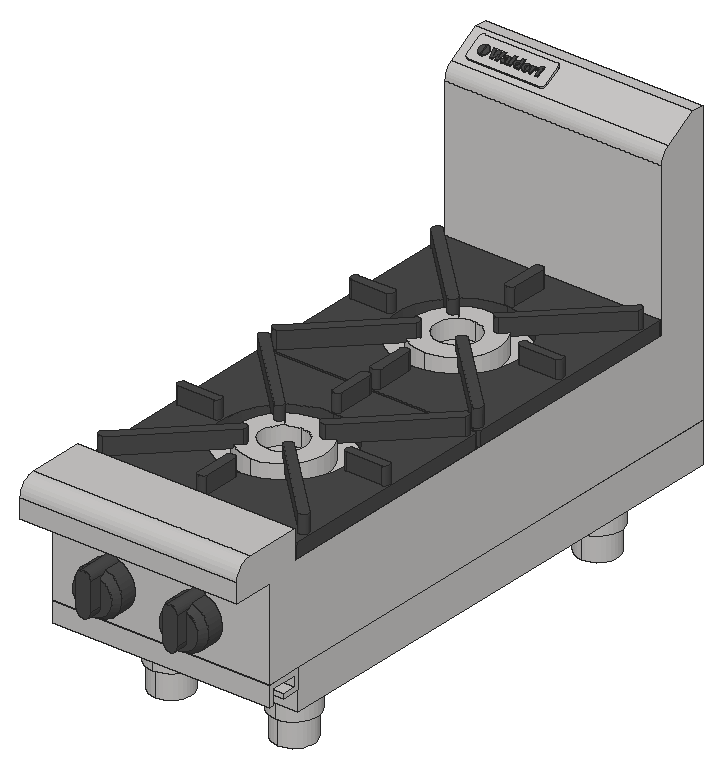
Revit family "QF_MOFFAT WALDORF_RN8200G-B", category Specialty Equipment, Revit 2012
Parameters
  Weight in Pounds = 103.6171
  URL Cutsheet = "www.moffat.com"
  URL = "www.moffat.com"
  Type Mark [instance] = ""
  Status [instance] = ""
  Specification by User [instance] = ""
  Specification by Manufacturer = ""
  Show Logo [instance] = yes
  Serial Number = ""
  Seismic Rating = ""
  SMACNA No = ""
  Revision Code [instance] = ""
  Omniclass Number and Title = ""
  NAFEM Spec ID Number = ""
  Model = "RN8200G-B"
  Mechanical Remarks [instance] = ""
  Mechanical Connection Type [instance] = ""
  Masterspec = ""
  Manufacturer = "MOFFAT WALDORF"
  Item Number [instance] = ""
  Installed By [instance] = ""
  Identify Quantity as Lot [instance] = yes
  Gas Size = 1/2"
  Gas RI Height [instance] = 0"
  Gas KW [instance] = 15.5
  Gas Input [instance] = 53078.0 Btu/h
  Gas Connection Height = 0"
  Furnished By [instance] = ""
  Foodservice Equipment Identifier [instance] = yes
  Description = "COOK TOP GAS BENCH MOUNT"
  CSI MasterFormat = ""
  CSI Master Format = ""
Reference planes (in)
  plane 1 "BACK": y = 0
  plane 2: z = 0
  plane 3 "LEFT": x = 0
  plane 4 "RIGHT": x = 11.81102
  plane 5 "FRONT": y = -31.69291
  plane 6 "TOP": z = 20.86614
  plane 7 "Center Y": x = 5.90551
  plane 8 "Center X": y = -15.84646
  plane 9: x = 2.55906
  plane 10: x = 9.25197
Forms (in)
  Extrusion 1, solid, material "QF_Finishes_Stainless Steel"
    sketch origin (0, 0, 0) x (0, 1, 0) y (0, 0, 1)
      loop
        line (-31.69291, 11.45669) -> (-31.69291, 10.47244) -> (-29.48819, 10.47244) -> (-29.48819, 5.51181) -> (0, 5.51181) -> (0, 20.86614) -> (-0.64961, 20.86614) -> (-2.31138, 19.90672)
        arc (-2.31138, 19.90672) -> (-2.63679, 19.5813) -> (-2.75591, 19.13677) r 0.88906
        line (-2.75591, 19.13677) -> (-2.75591, 10.82677) -> (-27.75591, 10.82677) -> (-27.75591, 12.40157) -> (-30.74803, 12.40157)
        arc (-30.74803, 12.40157) -> (-31.41616, 12.12483) -> (-31.69291, 11.45669) r 0.94488
      loop
        line (0, 3.34646) -> (0, 5.48056) -> (-27.51969, 5.48056) -> (-27.51969, 3.34646) -> (0, 3.34646)
    from 0 to 11.81102
  Revolve 2, solid, material "QF_Finishes_Stainless Steel"
    sketch origin (9.25197, -28.93701, 0) x (0, 1, 0) y (0, 0, -1)
      loop
        line (3.08071, -3.34646) -> (4.33071, -3.34646) -> (4.33071, 0) -> (3.24803, 0) -> (3.24803, -1.37795) -> (3.08071, -1.37795) -> (3.08071, -3.34646)
      axis (4.33071, -3.34646) -> (4.33071, 0)
    angle from 0 to 360
  Revolve 3, solid, material "QF_Finishes_Stainless Steel"
    sketch origin (9.25197, -8.26772, 0) x (0, 1, 0) y (0, 0, -1)
      loop
        line (3.08071, -3.34646) -> (4.33071, -3.34646) -> (4.33071, 0) -> (3.24803, 0) -> (3.24803, -1.37795) -> (3.08071, -1.37795) -> (3.08071, -3.34646)
      axis (4.33071, -3.34646) -> (4.33071, 0)
    angle from 0 to 360
  Revolve 4, solid, material "QF_Finishes_Stainless Steel"
    sketch origin (2.55906, -28.93701, 0) x (0, 1, 0) y (0, 0, 1)
      loop
        line (3.08071, 3.34646) -> (3.08071, 1.37795) -> (3.24803, 1.37795) -> (3.24803, 0) -> (4.33071, 0) -> (4.33071, 3.34646) -> (3.08071, 3.34646)
      axis (4.33071, 3.34646) -> (4.33071, 0)
    angle from 0 to 360
  Revolve 5, solid, material "QF_Finishes_Stainless Steel"
    sketch origin (2.55906, -8.26772, 0) x (0, 1, 0) y (0, 0, 1)
      loop
        line (3.08071, 3.34646) -> (3.08071, 1.37795) -> (3.24803, 1.37795) -> (3.24803, 0) -> (4.33071, 0) -> (4.33071, 3.34646) -> (3.08071, 3.34646)
      axis (4.33071, 3.34646) -> (4.33071, 0)
    angle from 0 to 360
  Revolve 6, solid, material "QF_Finishes_Black"
    sketch origin (8.26772, 0, 0) x (0, -1, 0) y (0, 0, 1)
      loop
        line (30.7874, 9.03958) -> (29.88189, 9.03958) -> (29.88189, 7.9569) -> (29.48819, 7.9569) -> (29.48819, 7.76005) -> (31.22047, 7.76005) -> (31.22047, 8.80931) -> (30.7874, 9.03958)
      axis (31.22047, 7.76005) -> (29.48819, 7.76005)
    angle from 0 to 360
  Extrusion 7, solid, material "QF_Finishes_Black"
    sketch origin (2.81768, 0, -4.09436) x (1, 0, 0) y (0, 0, 1)
      loop
        line (5.84374, 11.37795) -> (5.84374, 12.91326)
        arc (5.84374, 12.91326) -> (5.45004, 13.30696) -> (5.05634, 12.91326) r 0.3937
        line (5.05634, 12.91326) -> (5.05634, 11.37795)
        arc (5.05634, 11.37795) -> (5.45004, 10.98425) -> (5.84374, 11.37795) r 0.3937
    from 29.88189 to 31.81102
  Extrusion 8, solid, material "QF_Finishes_Stainless Steel"
    sketch origin (5.44045, 0.11811, -19.68504) x (1, 0, 0) y (0, 1, 0)
      loop
        circle (2.55906, -1.37795) r 0.5315
    from 21.85039 to 23.0315
  Extrusion 9, solid, material "QF_Finishes_Stainless Steel"
    sketch origin (0, 0, 0) x (0, 1, 0) y (0, 0, 1)
      loop
        line (-29.48819, 4.41019) -> (-29.23622, 4.41019) -> (-29.23622, 5.22859) -> (-27.77165, 5.22859) -> (-27.77165, 4.66216) -> (-28.50394, 4.66216) -> (-28.50394, 4.41019) -> (-27.51969, 4.41019) -> (-27.51969, 5.48056) -> (-29.48819, 5.48056) -> (-29.48819, 4.41019)
    from 0 to 11.81102
  Revolve 10, solid, material "QF_Finishes_Black"
    sketch origin (3.54328, 0, -0.00498) x (0, 1, 0) y (0, 0, -1)
      loop
        line (-30.7874, -9.03543) -> (-29.88189, -9.03543) -> (-29.88189, -7.95276) -> (-29.48819, -7.95276) -> (-29.48819, -7.75591) -> (-31.22047, -7.75591) -> (-31.22047, -8.80517) -> (-30.7874, -9.03543)
      axis (-31.22047, -7.75591) -> (-29.48819, -7.75591)
    angle from 0 to 360
  Extrusion 11, solid, material "QF_Finishes_Black"
    sketch origin (8.98696, 0, 0.00123) x (-1, 0, 0) y (0, 0, -1)
      loop
        arc (5.83735, -7.28223) -> (5.44365, -6.88853) -> (5.04995, -7.28223) r 0.3937
        line (5.04995, -7.28223) -> (5.04995, -8.81767)
        arc (5.04995, -8.81767) -> (5.44365, -9.21137) -> (5.83735, -8.81767) r 0.3937
        line (5.83735, -8.81767) -> (5.83735, -7.28223)
    from 29.88189 to 31.81102
  Extrusion 12, solid, material "QF_Finishes_Black"
    sketch origin (0, -2.75591, 10.82677) x (0, -1, 0) y (1, 0, 0)
      loop
        line (12.40157, 0.15748) -> (12.40157, 11.65354)
        arc (12.40157, 11.65354) -> (12.36698, 11.73706) -> (12.28346, 11.77165) r 0.11811
        line (12.28346, 11.77165) -> (0.11811, 11.77165)
        arc (0.11811, 11.77165) -> (0.03459, 11.73706) -> (0, 11.65354) r 0.11811
        line (0, 11.65354) -> (0, 0.15748)
        arc (0, 0.15748) -> (0.03459, 0.07396) -> (0.11811, 0.03937) r 0.11811
        line (0.11811, 0.03937) -> (12.28346, 0.03937)
        arc (12.28346, 0.03937) -> (12.36698, 0.07396) -> (12.40157, 0.15748) r 0.11811
      loop
        line (12.6378, 0.03937) -> (24.80315, 0.03937)
        arc (24.80315, 0.03937) -> (24.88667, 0.07396) -> (24.92126, 0.15748) r 0.11811
        line (24.92126, 0.15748) -> (24.92126, 11.65354)
        arc (24.92126, 11.65354) -> (24.88667, 11.73706) -> (24.80315, 11.77165) r 0.11811
        line (24.80315, 11.77165) -> (12.6378, 11.77165)
        arc (12.6378, 11.77165) -> (12.55428, 11.73706) -> (12.51969, 11.65354) r 0.11811
        line (12.51969, 11.65354) -> (12.51969, 0.15748)
        arc (12.51969, 0.15748) -> (12.55428, 0.07396) -> (12.6378, 0.03937) r 0.11811
      loop
        circle (6.49606, 5.90517) r 3.31033
      loop
        circle (18.30709, 5.90517) r 3.31033
    from 0 to 0.76772
  Extrusion 13, solid, material "QF_Finishes_Black"
    sketch origin (0, -2.75591, 11.59449) x (0, -1, 0) y (1, 0, 0)
      loop
        spline (12.70088, 0.59659) -> (12.66461, 0.54818) -> (12.64296, 0.49093) -> (12.6374, 0.42874) -> (12.6483, 0.36584) -> (12.67493, 0.30653) -> (12.71547, 0.25484) -> (12.76716, 0.2143) -> (12.82647, 0.18767) -> (12.88937, 0.17677) -> (12.95156, 0.18233) -> (13.00881, 0.20398) -> (13.05722, 0.24025)
        line (13.05722, 0.24025) -> (17.30615, 4.48918)
        spline (17.30615, 4.48918) -> (17.33611, 4.53128) -> (17.35188, 4.58265) -> (17.35239, 4.63979) -> (17.33761, 4.69881) -> (17.30855, 4.75569) -> (17.26718, 4.80655) -> (17.21632, 4.84792) -> (17.15944, 4.87698) -> (17.10042, 4.89176) -> (17.04328, 4.89125) -> (16.99191, 4.87548) -> (16.94981, 4.84552)
        line (16.94981, 4.84552) -> (12.70088, 0.59659)
      loop
        spline (12.81094, 6.15748) -> (12.75999, 6.14889) -> (12.71252, 6.12372) -> (12.67175, 6.08368) -> (12.64046, 6.0315) -> (12.6208, 5.97073) -> (12.61409, 5.90551) -> (12.6208, 5.8403) -> (12.64046, 5.77953) -> (12.67175, 5.72734) -> (12.71252, 5.6873) -> (12.75999, 5.66213) -> (12.81094, 5.65354)
        line (12.81094, 5.65354) -> (14.74811, 5.65354)
        spline (14.74811, 5.65354) -> (14.79906, 5.66213) -> (14.84654, 5.6873) -> (14.88731, 5.72734) -> (14.91859, 5.77953) -> (14.93826, 5.8403) -> (14.94496, 5.90551) -> (14.93826, 5.97073) -> (14.91859, 6.0315) -> (14.88731, 6.08368) -> (14.84654, 6.12372) -> (14.79906, 6.14889) -> (14.74811, 6.15748)
        line (14.74811, 6.15748) -> (12.81094, 6.15748)
      loop
        spline (13.05722, 11.57078) -> (13.01512, 11.60073) -> (12.96375, 11.6165) -> (12.90661, 11.61702) -> (12.84759, 11.60224) -> (12.79071, 11.57317) -> (12.73985, 11.5318) -> (12.69848, 11.48094) -> (12.66942, 11.42407) -> (12.65464, 11.36505) -> (12.65515, 11.30791) -> (12.67092, 11.25654) -> (12.70088, 11.21444)
        line (12.70088, 11.21444) -> (16.94981, 6.9655)
        spline (16.94981, 6.9655) -> (16.99191, 6.93555) -> (17.04328, 6.91977) -> (17.10042, 6.91926) -> (17.15944, 6.93404) -> (17.21632, 6.96311) -> (17.26718, 7.00448) -> (17.30855, 7.05533) -> (17.33761, 7.11221) -> (17.35239, 7.17123) -> (17.35188, 7.22837) -> (17.33611, 7.27974) -> (17.30615, 7.32184)
        line (17.30615, 7.32184) -> (13.05722, 11.57078)
      loop
        line (18.11417, 11.46071) -> (18.11417, 9.52354)
        spline (18.11417, 9.52354) -> (18.12276, 9.47259) -> (18.14793, 9.42512) -> (18.18797, 9.38435) -> (18.24016, 9.35306) -> (18.30093, 9.3334) -> (18.36614, 9.32669) -> (18.43136, 9.3334) -> (18.49213, 9.35306) -> (18.54431, 9.38435) -> (18.58435, 9.42512) -> (18.60952, 9.47259) -> (18.61811, 9.52354)
        line (18.61811, 9.52354) -> (18.61811, 11.46071)
        spline (18.61811, 11.46071) -> (18.60952, 11.51166) -> (18.58435, 11.55914) -> (18.54431, 11.59991) -> (18.49213, 11.63119) -> (18.43136, 11.65085) -> (18.36614, 11.65756) -> (18.30093, 11.65085) -> (18.24016, 11.63119) -> (18.18797, 11.59991) -> (18.14793, 11.55914) -> (18.12276, 11.51166) -> (18.11417, 11.46071)
      loop
        spline (24.03141, 11.21444) -> (24.06136, 11.25654) -> (24.07713, 11.30791) -> (24.07765, 11.36505) -> (24.06287, 11.42407) -> (24.0338, 11.48094) -> (23.99243, 11.5318) -> (23.94157, 11.57317) -> (23.8847, 11.60224) -> (23.82568, 11.61702) -> (23.76854, 11.6165) -> (23.71717, 11.60073) -> (23.67507, 11.57078)
        line (23.67507, 11.57078) -> (19.42613, 7.32184)
        spline (19.42613, 7.32184) -> (19.39618, 7.27974) -> (19.3804, 7.22837) -> (19.37989, 7.17123) -> (19.39467, 7.11221) -> (19.42374, 7.05533) -> (19.46511, 7.00448) -> (19.51596, 6.96311) -> (19.57284, 6.93404) -> (19.63186, 6.91926) -> (19.689, 6.91977) -> (19.74037, 6.93555) -> (19.78247, 6.9655)
        line (19.78247, 6.9655) -> (24.03141, 11.21444)
      loop
        spline (23.92134, 5.65354) -> (23.97229, 5.66213) -> (24.01977, 5.6873) -> (24.06054, 5.72734) -> (24.09182, 5.77953) -> (24.11148, 5.8403) -> (24.11819, 5.90551) -> (24.11148, 5.97073) -> (24.09182, 6.0315) -> (24.06054, 6.08368) -> (24.01977, 6.12372) -> (23.97229, 6.14889) -> (23.92134, 6.15748)
        line (23.92134, 6.15748) -> (21.98417, 6.15748)
        spline (21.98417, 6.15748) -> (21.93322, 6.14889) -> (21.88575, 6.12372) -> (21.84498, 6.08368) -> (21.81369, 6.0315) -> (21.79403, 5.97073) -> (21.78732, 5.90551) -> (21.79403, 5.8403) -> (21.81369, 5.77953) -> (21.84498, 5.72734) -> (21.88575, 5.6873) -> (21.93322, 5.66213) -> (21.98417, 5.65354)
        line (21.98417, 5.65354) -> (23.92134, 5.65354)
      loop
        line (24.03141, 0.59659) -> (19.78247, 4.84552)
        spline (19.78247, 4.84552) -> (19.74037, 4.87548) -> (19.689, 4.89125) -> (19.63186, 4.89176) -> (19.57284, 4.87698) -> (19.51596, 4.84792) -> (19.46511, 4.80655) -> (19.42374, 4.75569) -> (19.39467, 4.69881) -> (19.37989, 4.63979) -> (19.3804, 4.58265) -> (19.39618, 4.53128) -> (19.42613, 4.48918)
        line (19.42613, 4.48918) -> (23.67507, 0.24025)
        spline (23.67507, 0.24025) -> (23.71717, 0.21029) -> (23.76854, 0.19452) -> (23.82568, 0.19401) -> (23.8847, 0.20879) -> (23.94157, 0.23785) -> (23.99243, 0.27922) -> (24.0338, 0.33008) -> (24.06287, 0.38696) -> (24.07765, 0.44598) -> (24.07713, 0.50312) -> (24.06136, 0.55449) -> (24.03141, 0.59659)
      loop
        line (18.61811, 0.35031) -> (18.61811, 2.28748)
        spline (18.61811, 2.28748) -> (18.60952, 2.33843) -> (18.58435, 2.38591) -> (18.54431, 2.42668) -> (18.49213, 2.45796) -> (18.43136, 2.47763) -> (18.36614, 2.48433) -> (18.30093, 2.47763) -> (18.24016, 2.45796) -> (18.18797, 2.42668) -> (18.14793, 2.38591) -> (18.12276, 2.33843) -> (18.11417, 2.28748)
        line (18.11417, 2.28748) -> (18.11417, 0.35031)
        spline (18.11417, 0.35031) -> (18.12276, 0.29936) -> (18.14793, 0.25189) -> (18.18797, 0.21112) -> (18.24016, 0.17983) -> (18.30093, 0.16017) -> (18.36614, 0.15346) -> (18.43136, 0.16017) -> (18.49213, 0.17983) -> (18.54431, 0.21112) -> (18.58435, 0.25189) -> (18.60952, 0.29936) -> (18.61811, 0.35031)
      loop
        spline (0.88985, 0.59659) -> (0.85359, 0.54818) -> (0.83194, 0.49093) -> (0.82638, 0.42874) -> (0.83728, 0.36584) -> (0.86391, 0.30653) -> (0.90445, 0.25484) -> (0.95614, 0.2143) -> (1.01545, 0.18767) -> (1.07834, 0.17677) -> (1.14054, 0.18233) -> (1.19779, 0.20398) -> (1.24619, 0.24025)
        line (1.24619, 0.24025) -> (5.49513, 4.48918)
        spline (5.49513, 4.48918) -> (5.52508, 4.53128) -> (5.54086, 4.58265) -> (5.54137, 4.63979) -> (5.52659, 4.69881) -> (5.49752, 4.75569) -> (5.45615, 4.80655) -> (5.4053, 4.84792) -> (5.34842, 4.87698) -> (5.2894, 4.89176) -> (5.23226, 4.89125) -> (5.18089, 4.87548) -> (5.13879, 4.84552)
        line (5.13879, 4.84552) -> (0.88985, 0.59659)
      loop
        spline (0.99992, 6.15748) -> (0.94897, 6.14889) -> (0.90149, 6.12372) -> (0.86072, 6.08368) -> (0.82944, 6.0315) -> (0.80978, 5.97073) -> (0.80307, 5.90551) -> (0.80978, 5.8403) -> (0.82944, 5.77953) -> (0.86072, 5.72734) -> (0.90149, 5.6873) -> (0.94897, 5.66213) -> (0.99992, 5.65354)
        line (0.99992, 5.65354) -> (2.93709, 5.65354)
        spline (2.93709, 5.65354) -> (2.98804, 5.66213) -> (3.03551, 5.6873) -> (3.07628, 5.72734) -> (3.10757, 5.77953) -> (3.12723, 5.8403) -> (3.13394, 5.90551) -> (3.12723, 5.97073) -> (3.10757, 6.0315) -> (3.07628, 6.08368) -> (3.03551, 6.12372) -> (2.98804, 6.14889) -> (2.93709, 6.15748)
        line (2.93709, 6.15748) -> (0.99992, 6.15748)
      loop
        spline (1.24619, 11.57078) -> (1.20409, 11.60073) -> (1.15272, 11.6165) -> (1.09558, 11.61702) -> (1.03656, 11.60224) -> (0.97969, 11.57317) -> (0.92883, 11.5318) -> (0.88746, 11.48094) -> (0.85839, 11.42407) -> (0.84361, 11.36505) -> (0.84413, 11.30791) -> (0.8599, 11.25654) -> (0.88985, 11.21444)
        line (0.88985, 11.21444) -> (5.13879, 6.9655)
        spline (5.13879, 6.9655) -> (5.18089, 6.93555) -> (5.23226, 6.91977) -> (5.2894, 6.91926) -> (5.34842, 6.93404) -> (5.4053, 6.96311) -> (5.45615, 7.00448) -> (5.49752, 7.05533) -> (5.52659, 7.11221) -> (5.54137, 7.17123) -> (5.54086, 7.22837) -> (5.52508, 7.27974) -> (5.49513, 7.32184)
        line (5.49513, 7.32184) -> (1.24619, 11.57078)
      loop
        line (6.30315, 11.46071) -> (6.30315, 9.52354)
        spline (6.30315, 9.52354) -> (6.31174, 9.47259) -> (6.33691, 9.42512) -> (6.37695, 9.38435) -> (6.42913, 9.35306) -> (6.4899, 9.3334) -> (6.55512, 9.32669) -> (6.62033, 9.3334) -> (6.6811, 9.35306) -> (6.73329, 9.38435) -> (6.77333, 9.42512) -> (6.7985, 9.47259) -> (6.80709, 9.52354)
        line (6.80709, 9.52354) -> (6.80709, 11.46071)
        spline (6.80709, 11.46071) -> (6.7985, 11.51166) -> (6.77333, 11.55914) -> (6.73329, 11.59991) -> (6.6811, 11.63119) -> (6.62033, 11.65085) -> (6.55512, 11.65756) -> (6.4899, 11.65085) -> (6.42913, 11.63119) -> (6.37695, 11.59991) -> (6.33691, 11.55914) -> (6.31174, 11.51166) -> (6.30315, 11.46071)
      loop
        spline (12.22038, 11.21444) -> (12.25034, 11.25654) -> (12.26611, 11.30791) -> (12.26662, 11.36505) -> (12.25184, 11.42407) -> (12.22278, 11.48094) -> (12.18141, 11.5318) -> (12.13055, 11.57317) -> (12.07367, 11.60224) -> (12.01465, 11.61702) -> (11.95751, 11.6165) -> (11.90614, 11.60073) -> (11.86404, 11.57078)
        line (11.86404, 11.57078) -> (7.61511, 7.32184)
        spline (7.61511, 7.32184) -> (7.58515, 7.27974) -> (7.56938, 7.22837) -> (7.56887, 7.17123) -> (7.58365, 7.11221) -> (7.61271, 7.05533) -> (7.65408, 7.00448) -> (7.70494, 6.96311) -> (7.76182, 6.93404) -> (7.82084, 6.91926) -> (7.87798, 6.91977) -> (7.92935, 6.93555) -> (7.97145, 6.9655)
        line (7.97145, 6.9655) -> (12.22038, 11.21444)
      loop
        spline (12.11032, 5.65354) -> (12.16127, 5.66213) -> (12.20874, 5.6873) -> (12.24951, 5.72734) -> (12.2808, 5.77953) -> (12.30046, 5.8403) -> (12.30717, 5.90551) -> (12.30046, 5.97073) -> (12.2808, 6.0315) -> (12.24951, 6.08368) -> (12.20874, 6.12372) -> (12.16127, 6.14889) -> (12.11032, 6.15748)
        line (12.11032, 6.15748) -> (10.17315, 6.15748)
        spline (10.17315, 6.15748) -> (10.1222, 6.14889) -> (10.07472, 6.12372) -> (10.03395, 6.08368) -> (10.00267, 6.0315) -> (9.983, 5.97073) -> (9.9763, 5.90551) -> (9.983, 5.8403) -> (10.00267, 5.77953) -> (10.03395, 5.72734) -> (10.07472, 5.6873) -> (10.1222, 5.66213) -> (10.17315, 5.65354)
        line (10.17315, 5.65354) -> (12.11032, 5.65354)
      loop
        line (12.22038, 0.59659) -> (7.97145, 4.84552)
        spline (7.97145, 4.84552) -> (7.92935, 4.87548) -> (7.87798, 4.89125) -> (7.82084, 4.89176) -> (7.76182, 4.87698) -> (7.70494, 4.84792) -> (7.65408, 4.80655) -> (7.61271, 4.75569) -> (7.58365, 4.69881) -> (7.56887, 4.63979) -> (7.56938, 4.58265) -> (7.58515, 4.53128) -> (7.61511, 4.48918)
        line (7.61511, 4.48918) -> (11.86404, 0.24025)
        spline (11.86404, 0.24025) -> (11.90614, 0.21029) -> (11.95751, 0.19452) -> (12.01465, 0.19401) -> (12.07367, 0.20879) -> (12.13055, 0.23785) -> (12.18141, 0.27922) -> (12.22278, 0.33008) -> (12.25184, 0.38696) -> (12.26662, 0.44598) -> (12.26611, 0.50312) -> (12.25034, 0.55449) -> (12.22038, 0.59659)
      loop
        line (6.80709, 0.35031) -> (6.80709, 2.28748)
        spline (6.80709, 2.28748) -> (6.7985, 2.33843) -> (6.77333, 2.38591) -> (6.73329, 2.42668) -> (6.6811, 2.45796) -> (6.62033, 2.47763) -> (6.55512, 2.48433) -> (6.4899, 2.47763) -> (6.42913, 2.45796) -> (6.37695, 2.42668) -> (6.33691, 2.38591) -> (6.31174, 2.33843) -> (6.30315, 2.28748)
        line (6.30315, 2.28748) -> (6.30315, 0.35031)
        spline (6.30315, 0.35031) -> (6.31174, 0.29936) -> (6.33691, 0.25189) -> (6.37695, 0.21112) -> (6.42913, 0.17983) -> (6.4899, 0.16017) -> (6.55512, 0.15346) -> (6.62033, 0.16017) -> (6.6811, 0.17983) -> (6.73329, 0.21112) -> (6.77333, 0.25189) -> (6.7985, 0.29936) -> (6.80709, 0.35031)
    from 0 to 0.9252
  Extrusion 14, solid, material "QF_Finishes_Stainless Steel"
    sketch origin (0, -2.75591, 10.82677) x (0, -1, 0) y (1, 0, 0)
      loop
        circle (6.55512, 5.90551) r 2.24409
      loop
        circle (18.36614, 5.90551) r 2.24409
      loop
        circle (6.55512, 5.90551) r 1.1811
      loop
        circle (18.36614, 5.90551) r 1.1811
    from 0 to 0.98425
Cuts and joins
  joined: Revolve 6, Extrusion 7
Lines and regions (in)
  Split face 1
    outline origin (0.59055, -0.77746, 20.79232) x (0, -0.866025, -0.5) y (1, 0, 0)
      loop
        line (0.067, 5.11075) -> (1.41087, 5.11075) -> (1.41087, 5.7013) -> (0.067, 5.7013) -> (0.067, 5.11075)
  Split face 2
    outline origin (1.60345, -0.77746, 20.79232) x (0, -0.866025, -0.5) y (1, 0, 0)
      loop
        line (0.06981, 4.9139) -> (1.4099, 4.9139) -> (1.4099, 5.50445) -> (0.06981, 5.50445) -> (0.06981, 4.9139)
  Split face 3
    outline origin (2.20158, -0.77746, 20.79232) x (0, -0.866025, -0.5) y (1, 0, 0)
      loop
        line (0.07258, 5.11075) -> (1.40611, 5.11075) -> (1.40611, 5.7013) -> (0.07258, 5.7013) -> (0.07258, 5.11075)
  Split face 4
    outline origin (3.02117, -0.77746, 20.79232) x (0, -0.866025, -0.5) y (1, 0, 0)
      loop
        line (0.08348, 5.11075) -> (1.40611, 5.11075) -> (1.40611, 5.7013) -> (0.08348, 5.7013) -> (0.08348, 5.11075)
  Split face 5
    outline origin (3.84075, -0.77746, 20.79232) x (0, -0.866025, -0.5) y (1, 0, 0)
      loop
        line (0.07448, 5.11075) -> (1.40611, 5.11075) -> (1.40611, 5.7013) -> (0.07448, 5.7013) -> (0.07448, 5.11075)
  Split face 6
    outline origin (4.66034, -0.77746, 20.79232) x (0, -0.866025, -0.5) y (1, 0, 0)
      loop
        line (0.07717, 5.11075) -> (1.40256, 5.11075) -> (1.40256, 5.7013) -> (0.07717, 5.7013) -> (0.07717, 5.11075)
  symbolic lines
    curve 1: line (0, 0, 0) -> (0, -31.69291, 0)
    curve 2: line (11.81102, 0, 0) -> (0, 0, 0)
    curve 3: line (11.81102, -31.69291, 0) -> (11.81102, 0, 0)
    curve 4: line (0, -2.75591, 0) -> (11.81102, -2.75591, 0)
    curve 5: line (0, -31.69291, 0) -> (11.81102, -31.69291, 0)
    curve 10: line (11.81102, -27.75591, 0) -> (0, -27.75591, 0)
    curve 11: line (0.41842, -3.82393, 0) -> (4.66735, -8.07287, 0)
    curve 12: line (5.90551, -3.75582, 0) -> (5.90551, -5.69299, 0)
    curve 13: line (11.39261, -3.82393, 0) -> (7.14367, -8.07287, 0)
    curve 14: line (11.46071, -9.31102, 0) -> (9.52354, -9.31102, 0)
    curve 15: line (0.35031, -9.31102, 0) -> (2.28748, -9.31102, 0)
    curve 16: line (0.41842, -14.79812, 0) -> (4.66735, -10.54918, 0)
    curve 17: line (11.39261, -14.79812, 0) -> (7.14367, -10.54918, 0)
    curve 18: line (11.39261, -15.63495, 0) -> (7.14367, -19.88389, 0)
    curve 19: line (5.90551, -15.56685, 0) -> (5.90551, -17.50402, 0)
    curve 20: line (0.41842, -15.63495, 0) -> (4.66735, -19.88389, 0)
    curve 21: line (5.90551, -14.86622, 0) -> (5.90551, -12.92905, 0)
    curve 22: line (0.35031, -21.12205, 0) -> (2.28748, -21.12205, 0)
    curve 23: line (11.46071, -21.12205, 0) -> (9.52354, -21.12205, 0)
    curve 24: line (11.39261, -26.60914, 0) -> (7.14367, -22.36021, 0)
    curve 25: line (0.41842, -26.60914, 0) -> (4.66735, -22.36021, 0)
    curve 26: line (5.90551, -26.67725, 0) -> (5.90551, -24.74008, 0)
    curve 27: arc (5.90551, -18.87795, 0) -> (8.14961, -21.12205, 0) -> (5.90551, -23.36614, 0) r 2.24409
    curve 28: arc (5.90551, -23.36614, 0) -> (3.66142, -21.12205, 0) -> (5.90551, -18.87795, 0) r 2.24409
    curve 29: arc (5.90551, -11.55512, 0) -> (3.66142, -9.31102, 0) -> (5.90551, -7.06693, 0) r 2.24409
    curve 30: arc (5.90551, -7.06693, 0) -> (8.14961, -9.31102, 0) -> (5.90551, -11.55512, 0) r 2.24409
    curve 31: line (11.81102, -15.27559, 0) -> (0, -15.27559, 0)
    curve 32: line (0, -15.15748, 0) -> (11.81102, -15.15748, 0)
    curve 33: line (5.7013, -1.99931, 0) -> (5.7013, -0.83549, 0)
    curve 34: line (5.7013, -0.83549, 0) -> (6.29185, -0.83549, 0)
    curve 35: line (6.29185, -0.83549, 0) -> (6.29185, -1.99931, 0)
    curve 36: line (6.29185, -1.99931, 0) -> (5.7013, -1.99931, 0)
    curve 37: line (6.51735, -0.83792, 0) -> (6.51735, -1.99848, 0)
    curve 38: line (6.51735, -1.99848, 0) -> (7.1079, -1.99848, 0)
    curve 39: line (7.1079, -1.99848, 0) -> (7.1079, -0.83792, 0)
    curve 40: line (7.1079, -0.83792, 0) -> (6.51735, -0.83792, 0)
    curve 41: line (7.31233, -1.99848, 0) -> (7.31233, -0.84032, 0)
    curve 42: line (7.31233, -0.84032, 0) -> (7.90288, -0.84032, 0)
    curve 43: line (7.90288, -0.84032, 0) -> (7.90288, -1.99848, 0)
    curve 44: line (7.90288, -1.99848, 0) -> (7.31233, -1.99848, 0)
    curve 45: line (8.13192, -1.99848, 0) -> (8.13192, -0.84976, 0)
    curve 46: line (8.13192, -0.84976, 0) -> (8.72247, -0.84976, 0)
    curve 47: line (8.72247, -0.84976, 0) -> (8.72247, -1.99848, 0)
    curve 48: line (8.72247, -1.99848, 0) -> (8.13192, -1.99848, 0)
    curve 49: line (8.9515, -1.99519, 0) -> (8.9515, -0.84197, 0)
    curve 50: line (8.9515, -0.84197, 0) -> (9.54206, -0.84197, 0)
    curve 51: line (9.54206, -0.84197, 0) -> (9.54206, -1.99519, 0)
    curve 52: line (9.54206, -1.99519, 0) -> (8.9515, -1.99519, 0)
    curve 53: line (9.77109, -1.99519, 0) -> (9.77109, -0.84197, 0)
    curve 54: line (9.77109, -0.84197, 0) -> (10.36164, -0.84197, 0)
    curve 55: line (10.36164, -0.84197, 0) -> (10.36164, -1.99519, 0)
    curve 56: line (10.36164, -1.99519, 0) -> (9.77109, -1.99519, 0)
    curve 57: arc (5.90517, -17.75267, 0) -> (9.21549, -21.06299, 0) -> (5.90517, -24.37332, 0) r 3.31033
    curve 58: arc (5.90517, -24.37332, 0) -> (2.59484, -21.06299, 0) -> (5.90517, -17.75267, 0) r 3.31033
    curve 59: arc (5.90517, -5.94164, 0) -> (9.21549, -9.25197, 0) -> (5.90517, -12.56229, 0) r 3.31033
    curve 60: arc (5.90517, -12.56229, 0) -> (2.59484, -9.25197, 0) -> (5.90517, -5.94164, 0) r 3.31033
    curve 61: arc (5.90551, -8.12992, 0) -> (7.08661, -9.31102, 0) -> (5.90551, -10.49213, 0) r 1.1811
    curve 62: arc (5.90551, -10.49213, 0) -> (4.72441, -9.31102, 0) -> (5.90551, -8.12992, 0) r 1.1811
    curve 63: arc (5.90551, -19.94094, 0) -> (7.08661, -21.12205, 0) -> (5.90551, -22.30315, 0) r 1.1811
    curve 64: arc (5.90551, -22.30315, 0) -> (4.72441, -21.12205, 0) -> (5.90551, -19.94094, 0) r 1.1811
  symbolic lines, visible <- "Show Logo"
    curve 6: line (0.49213, -2.01709, 0) -> (0.49213, -0.8251, 0)
    curve 7: line (0.49213, -0.8251, 0) -> (4.78346, -0.8251, 0)
    curve 8: line (0.49213, -2.01709, 0) -> (4.78346, -2.01709, 0)
    curve 9: line (4.78346, -0.8251, 0) -> (4.78346, -2.01709, 0)
Dimensions and locks (in)
  equal spacing: plane 3 "LEFT", plane 7 "Center Y", plane 4 "RIGHT"
  plane 3 "LEFT" to plane 4 "RIGHT" = 11.81102"
  equal spacing: plane 5 "FRONT", plane 8 "Center X", plane 1 "BACK"
  plane 5 "FRONT" to plane 1 "BACK" = 31.69291"  (x2)
  equal spacing: plane 4 "RIGHT", plane 7 "Center Y", plane 3 "LEFT"
  plane 4 "RIGHT" to plane 3 "LEFT" = 11.81102"
  plane 6 "TOP" to level = 20.86614"  (x2)
  Extrusion 8 to level = 2.16535"
  Extrusion 8 to plane 1 "BACK" = 1.25984"
  aligned and locked: level to plane 2
  aligned and locked: curve 3 to plane 4 "RIGHT"
Automatic sketch dimensions
  Extrusion 1 sketch curve to plane 5 "FRONT" = 0"
  Extrusion 1 sketch curve to plane 6 "TOP" = 0"
  Extrusion 1 sketch curve to plane 1 "BACK" = 0"  (x2)
  Extrusion 1 sketch curve to plane 5 "FRONT" = 0.94488"
  Extrusion 1 sketch curve to plane 5 "FRONT" = 2.20472"
  Extrusion 1 sketch curve to Extrusion 1 sketch curve = 1.73228"
  Extrusion 1 sketch curve to Extrusion 1 sketch curve = 1.9685"
  plane 1 "BACK" to Extrusion 1 sketch curve = 2.75591"
  Extrusion 1 sketch curve to plane 6 "TOP" = 0.95942"
  Extrusion 1 sketch curve to Extrusion 1 sketch curve = 0.44453"  (x2)
  Extrusion 1 sketch curve to Extrusion 1 sketch curve = 0.64961"
  Extrusion 1 sketch curve to plane 6 "TOP" = 8.46457"
  Extrusion 1 sketch curve to Extrusion 1 sketch curve = 1.5748"
  Extrusion 1 sketch curve to Extrusion 1 sketch curve = 0.98425"
  level to Extrusion 1 sketch curve = 5.51181"
  Extrusion 1 sketch curve to Extrusion 1 sketch curve = 1/32"
  Extrusion 1 sketch curve to Extrusion 1 sketch curve = 2.1341"
  Revolve 2 sketch curve to level = 0"
  level to Revolve 2 sketch curve = 1.37795"
  Revolve 2 sketch curve to plane 5 "FRONT" = 5.83661"
  Revolve 2 sketch curve to Revolve 2 sketch curve = 0.16732"
  Revolve 2 sketch curve to Revolve 2 sketch curve = 1.08268"
  Revolve 2 sketch curve to Revolve 2 sketch curve = 0"
  Revolve 2 sketch curve to Revolve 2 sketch curve = 0.59055"
  Revolve 2 sketch curve to Revolve 2 sketch curve = 1.37795"
  Revolve 2 sketch curve to Revolve 2 sketch curve = 2.16535"
  Revolve 3 sketch curve to level = 0"
  level to Revolve 3 sketch curve = 1.37795"
  plane 1 "BACK" to Revolve 3 sketch curve = 5.18701"
  Revolve 3 sketch curve to Revolve 3 sketch curve = 0.16732"
  Revolve 3 sketch curve to Revolve 3 sketch curve = 1.08268"  (x2)
  Revolve 3 sketch curve to Revolve 3 sketch curve = 0.59055"
  Revolve 3 sketch curve to Revolve 3 sketch curve = 1.37795"
  Revolve 3 sketch curve to Revolve 3 sketch curve = 2.16535"
  Revolve 4 sketch curve to level = 0"
  level to Revolve 4 sketch curve = 1.37795"
  Revolve 4 sketch curve to plane 5 "FRONT" = 5.83661"
  Revolve 4 sketch curve to Revolve 4 sketch curve = 0.16732"
  Revolve 4 sketch curve to Revolve 4 sketch curve = 1.08268"  (x2)
  Revolve 4 sketch curve to Revolve 4 sketch curve = 2.16535"
  Revolve 4 sketch curve to Revolve 4 sketch curve = 0.59055"
  Revolve 4 sketch curve to Revolve 4 sketch curve = 1.37795"
  Revolve 5 sketch curve to level = 0"
  level to Revolve 5 sketch curve = 1.37795"
  plane 1 "BACK" to Revolve 5 sketch curve = 5.18701"
  Revolve 5 sketch curve to Revolve 5 sketch curve = 0.16732"
  Revolve 5 sketch curve to Revolve 5 sketch curve = 1.08268"  (x2)
  Revolve 5 sketch curve to Revolve 5 sketch curve = 2.16535"
  Revolve 5 sketch curve to Revolve 5 sketch curve = 0.59055"
  Revolve 5 sketch curve to Revolve 5 sketch curve = 1.37795"
  Revolve 6 sketch curve to plane 5 "FRONT" = 2.20472"
  Revolve 6 sketch curve to Revolve 6 sketch curve = 0.3937"
  Revolve 6 sketch curve to Revolve 6 sketch curve = 0.83858"
  Revolve 6 sketch curve to plane 5 "FRONT" = 0.90551"
  Revolve 6 sketch curve to plane 5 "FRONT" = 0.47244"
  Revolve 6 sketch curve to Revolve 6 sketch curve = 0"  (x2)
  level to Revolve 6 sketch curve = 7.76005"
  Revolve 6 sketch curve to Revolve 6 sketch curve = 0.19685"
  Revolve 6 sketch curve to Revolve 6 sketch curve = 1.04926"
  Revolve 6 sketch curve to Revolve 6 sketch curve = 0.23027"
  plane 10 to Extrusion 7 sketch curve = 1.37795"
  Extrusion 7 sketch curve to Extrusion 7 sketch curve = 0.3937"
  level to Extrusion 7 sketch curve = 7.2836"
  Extrusion 7 sketch curve to Extrusion 7 sketch curve = 1.5353"
  plane 10 to Extrusion 8 sketch curve = 1.25246"
  plane 1 "BACK" to Extrusion 8 sketch curve = 1.25984"
  Extrusion 9 sketch curve to plane 5 "FRONT" = 2.20472"
  Extrusion 9 sketch curve to Extrusion 9 sketch curve = 0.25197"  (x4)
  Extrusion 9 sketch curve to Extrusion 9 sketch curve = 0.73228"  (x2)
  level to Extrusion 9 sketch curve = 4.41019"
  Extrusion 9 sketch curve to Extrusion 9 sketch curve = 0"
  Extrusion 9 sketch curve to Extrusion 9 sketch curve = 0.81841"
  Revolve 10 sketch curve to plane 5 "FRONT" = 0.47244"
  Revolve 10 sketch curve to Revolve 10 sketch curve = 0"  (x2)
  Revolve 10 sketch curve to Revolve 10 sketch curve = 0.43307"
  Revolve 10 sketch curve to Revolve 10 sketch curve = 1/2"
  Revolve 10 sketch curve to Revolve 10 sketch curve = 0.90551"
  Revolve 10 sketch curve to Revolve 10 sketch curve = 0.3937"
  level to Revolve 10 sketch curve = 9.03045"
  Revolve 10 sketch curve to Revolve 10 sketch curve = 0.23027"
  Revolve 10 sketch curve to Revolve 10 sketch curve = 1.08268"
  Revolve 10 sketch curve to Revolve 10 sketch curve = 0.19685"
  plane 9 to Extrusion 11 sketch curve = 1.37795"
  Extrusion 11 sketch curve to Extrusion 11 sketch curve = 0.3937"
  level to Extrusion 11 sketch curve = 8.8189"
  Extrusion 11 sketch curve to Extrusion 11 sketch curve = 1.53543"
  Extrusion 1 to Extrusion 12 sketch curve = 0"
  Extrusion 1 to Extrusion 12 sketch curve = 0.03937"  (x4)
  Extrusion 1 to Extrusion 12 sketch curve = 0.11811"  (x2)
  Extrusion 1 to Extrusion 12 sketch curve = 0.15748"
  Extrusion 12 sketch curve to Extrusion 12 sketch curve = 0.11811"  (x3)
  Extrusion 12 sketch curve to Extrusion 1 = 0.19685"  (x2)
  Extrusion 12 sketch curve to Extrusion 1 = 0.07874"
  Extrusion 13 sketch curve to Extrusion 12 = 0.88985"  (x2)
  Extrusion 13 sketch curve to Extrusion 12 = 0.99992"  (x2)
  Extrusion 13 sketch curve to Extrusion 13 sketch curve = 0.17817"  (x16)
  Extrusion 13 sketch curve to Extrusion 13 sketch curve = 1.93717"  (x5)
  Extrusion 13 sketch curve to Extrusion 13 sketch curve = 2.2017"  (x5)
  Extrusion 13 sketch curve to Extrusion 13 sketch curve = 0"  (x5)
  Extrusion 13 sketch curve to Extrusion 13 sketch curve = 0.80802"  (x8)
  Extrusion 13 sketch curve to Extrusion 13 sketch curve = 0.25197"  (x8)
  Extrusion 13 sketch curve to Extrusion 13 sketch curve = 2.11998"  (x8)
  Extrusion 13 sketch curve to Extrusion 12 = 2.22843"
  Extrusion 13 sketch curve to Extrusion 12 = 0.20088"  (x6)
  Extrusion 13 sketch curve to Extrusion 12 = 0.53753"  (x2)
  Extrusion 13 sketch curve to Extrusion 12 = 0.29126"  (x2)
  Extrusion 13 sketch curve to Extrusion 12 = 0.18119"  (x2)
  Extrusion 13 sketch curve to Extrusion 12 = 0.31094"  (x4)
  Extrusion 13 sketch curve to Extrusion 12 = 1.24619"  (x2)
  Extrusion 13 sketch curve to Extrusion 12 = 2.24811"
  Extrusion 13 sketch curve to Extrusion 12 = 0.55722"
  Extrusion 1 to Split face 1 sketch curve = 0.21464"
  Split face 1 sketch curve to Extrusion 1 = 0.36034"
  Split face 1 sketch curve to Extrusion 1 = 5.7013"
  Split face 1 sketch curve to Split face 1 sketch curve = 0.59055"
  Extrusion 1 to Split face 2 sketch curve = 0.21745"
  Split face 2 sketch curve to Extrusion 1 = 0.36131"
  Split face 2 sketch curve to Extrusion 1 = 6.51735"
  Split face 2 sketch curve to Split face 2 sketch curve = 0.59055"
  Extrusion 1 to Split face 3 sketch curve = 0.22022"
  Split face 3 sketch curve to Extrusion 1 = 0.3651"
  Split face 3 sketch curve to Extrusion 1 = 4.49869"
  Split face 3 sketch curve to Split face 3 sketch curve = 0.59055"
  Extrusion 1 to Split face 4 sketch curve = 0.23111"
  Split face 4 sketch curve to Extrusion 1 = 0.3651"
  Split face 4 sketch curve to Extrusion 1 = 3.67911"
  Split face 4 sketch curve to Split face 4 sketch curve = 0.59055"
  Extrusion 1 to Split face 5 sketch curve = 0.22212"
  Split face 5 sketch curve to Extrusion 1 = 0.3651"
  Split face 5 sketch curve to Extrusion 1 = 2.85952"
  Split face 5 sketch curve to Split face 5 sketch curve = 0.59055"
  Extrusion 1 to Split face 6 sketch curve = 0.22481"
  Split face 6 sketch curve to Extrusion 1 = 0.36865"
  Split face 6 sketch curve to Extrusion 1 = 2.03993"
  Split face 6 sketch curve to Split face 6 sketch curve = 0.59055"
  plane 1 "BACK" to curve 1 = 0"
  curve 1 to plane 3 "LEFT" = 0"
  curve 19 to plane 7 "Center Y" = 0"
  curve 21 to plane 7 "Center Y" = 0"
  curve 12 to plane 7 "Center Y" = 0"
  curve 26 to plane 7 "Center Y" = 0"
  curve 27 to plane 7 "Center Y" = 0"
  curve 29 to plane 7 "Center Y" = 0"
  plane 5 "FRONT" to curve 1 = 0"
  plane 3 "LEFT" to curve 15 = 0.35031"
  plane 3 "LEFT" to curve 22 = 0.35031"
  plane 3 "LEFT" to curve 16 = 0.41842"
  plane 3 "LEFT" to curve 25 = 0.41842"
  plane 3 "LEFT" to curve 20 = 0.41842"
  plane 3 "LEFT" to curve 11 = 0.41842"
  plane 3 "LEFT" to curve 8 = 0.49213"
  curve 15 to plane 9 = 0.27157"
  curve 22 to plane 9 = 0.27157"
  curve 11 to plane 7 "Center Y" = 1.23816"
  curve 25 to plane 7 "Center Y" = 1.23816"
  curve 20 to plane 7 "Center Y" = 1.23816"
  curve 16 to plane 7 "Center Y" = 1.23816"
  curve 8 to plane 7 "Center Y" = 1.12205"
  curve 34 to plane 7 "Center Y" = 0.20421"
  curve 60 to plane 7 "Center Y" = 0.00035"
  curve 57 to plane 7 "Center Y" = 0.00035"
  plane 7 "Center Y" to curve 34 = 0.38634"
  curve 34 to curve 40 = 0.2255"
  curve 37 to curve 40 = 0.59055"
  plane 7 "Center Y" to curve 18 = 1.23816"
  plane 7 "Center Y" to curve 24 = 1.23816"
  plane 7 "Center Y" to curve 17 = 1.23816"
  plane 7 "Center Y" to curve 13 = 1.23816"
  curve 38 to curve 44 = 0.20443"
  curve 41 to curve 44 = 0.59055"
  curve 42 to curve 45 = 0.22904"
  plane 10 to curve 47 = 0.5295"
  curve 47 to curve 52 = 0.22904"
  curve 23 to plane 10 = 0.27157"
  curve 14 to plane 10 = 0.27157"
  curve 50 to plane 10 = 0.29009"
  curve 50 to curve 53 = 0.22904"
  curve 53 to curve 55 = 0.59055"
  plane 4 "RIGHT" to curve 18 = 0.41842"
  plane 4 "RIGHT" to curve 13 = 0.41842"
  plane 4 "RIGHT" to curve 17 = 0.41842"
  plane 4 "RIGHT" to curve 24 = 0.41842"
  plane 4 "RIGHT" to curve 14 = 0.35031"
  plane 4 "RIGHT" to curve 23 = 0.35031"
  curve 10 to plane 5 "FRONT" = 3.93701"
  curve 26 to plane 5 "FRONT" = 5.01567"
  curve 10 to curve 25 = 1.14676"
  curve 10 to curve 24 = 1.14676"
  curve 26 to curve 26 = 1.93717"
  curve 26 to curve 58 = 0.36676"
  curve 57 to curve 27 = 1.00718"
  curve 28 to curve 25 = 1.00594"
  curve 27 to curve 24 = 1.00594"
  curve 25 to curve 57 = 1.29721"
  curve 24 to curve 23 = 1.23816"
  curve 25 to curve 22 = 1.23816"
  curve 28 to curve 57 = 0.05906"
  curve 20 to curve 28 = 1.00594"
  curve 18 to curve 27 = 1.00594"
  curve 57 to curve 19 = 0.24865"
  plane 8 "Center X" to curve 18 = 0.2115"
  plane 8 "Center X" to curve 20 = 0.2115"
  plane 8 "Center X" to curve 19 = 0.27961"
  curve 18 to curve 31 = 23/64"
  curve 31 to curve 32 = 0.11811"
  curve 19 to curve 21 = 0.70062"
  curve 32 to curve 16 = 23/64"
  curve 32 to curve 17 = 23/64"
  curve 21 to curve 21 = 1.93717"
  curve 21 to curve 60 = 0.36676"
  curve 59 to curve 30 = 1.00718"
  curve 30 to curve 17 = 1.00594"
  curve 29 to curve 16 = 1.00594"
  curve 16 to curve 60 = 1.29721"
  curve 16 to curve 15 = 1.23816"
  curve 17 to curve 14 = 1.23816"
  curve 29 to curve 59 = 0.05906"
  curve 11 to curve 29 = 1.00594"
  curve 13 to curve 30 = 1.00594"
  curve 59 to curve 12 = 0.24865"
  plane 1 "BACK" to curve 13 = 3.82393"
  plane 1 "BACK" to curve 11 = 3.82393"
  curve 12 to curve 12 = 1.93717"
  curve 11 to curve 4 = 1.06802"
  curve 4 to curve 6 = 0.73881"
  curve 8 to curve 36 = 0.01778"
  curve 35 to curve 38 = 0.00083"
  curve 38 to curve 44 = 0"
  curve 43 to curve 45 = 0"
  curve 47 to curve 49 = 0.00328"
  curve 51 to curve 56 = 0"
  plane 1 "BACK" to curve 46 = 0.84976"
  plane 1 "BACK" to curve 55 = 0.84197"
  curve 51 to curve 53 = 0"
  curve 45 to curve 43 = 0.00944"
  curve 41 to curve 37 = 0.0024"
  curve 37 to curve 33 = 0.00243"
  plane 1 "BACK" to curve 7 = 0.8251"
  Extrusion 1 to Extrusion 12 sketch curve = 3.18574"
  Extrusion 12 sketch curve to Extrusion 12 sketch curve = 3.31033"  (x2)
  Extrusion 12 sketch curve to Extrusion 12 sketch curve = 2.47708"  (x2)
  Extrusion 12 sketch curve to Extrusion 12 sketch curve = 0"  (x4)
  Extrusion 12 sketch curve to Extrusion 12 sketch curve = 5.19037"
  Extrusion 1 to Extrusion 12 sketch curve = 5.90517"
  Extrusion 1 to Extrusion 14 sketch curve = 4.31102"
  Extrusion 14 sketch curve to Extrusion 14 sketch curve = 2.24409"  (x2)
  Extrusion 1 to Extrusion 14 sketch curve = 5.90551"  (x2)
  Extrusion 14 sketch curve to Extrusion 14 sketch curve = 7.32283"
  Extrusion 14 sketch curve to Extrusion 14 sketch curve = 1.06299"  (x2)
  Extrusion 14 sketch curve to Extrusion 14 sketch curve = 0"  (x4)
  curve 29 to curve 61 = 0"  (x2)
  curve 29 to curve 62 = 1.06299"
  curve 27 to curve 63 = 0"  (x2)
  curve 27 to curve 64 = 1.06299"
  radius of Extrusion 8 sketch curve = 0.5315"
Nested families (in)
  nested 1: "WALDORF LOGO" at (0.49213, -1.42122, 19.77286), visible <- "Show Logo", type "WALDORF LOGO", detail levels medium+fine
    with Type Mark "", Status "", Specification by User "", Show Logo yes, Revision Code "", Item Number "", Installed By "", Identify Quantity as Lot yes, Furnished By "", Foodservice Equipment Identifier yes
Connectors (in)
  piping at (7.99951, -1.25984, 2.16535)
    settings: on Extrusion 8, index 1, connector radius 1/4", flow factor 0, pipe flow 0 GPM, pressure drop 0.00 psi, fitting loss kfactor 0, connector angle 0.00°, fixture units 0, engagement length 0", flow configuration 1, flow direction 1, fitting loss method 0, system type 7, joint type 0, gender type 0, connector reference index -1, connector utility 0, adjustable connector no, is connector primary yes, fitting loss table "", connector description "GAS CONNECTION"
Definition of nested family "WALDORF LOGO"
  Parameters (values of type "BT8300-CB-LOGO")
    Weight in Pounds = 0
    URL Cutsheet = ""
    Type Mark [instance] = ""
    Status [instance] = ""
    Specification by User [instance] = ""
    Specification by Manufacturer = ""
    Show Logo [instance] = yes
    Serial Number = ""
    Seismic Rating = ""
    SMACNA No = ""
    Revision Code [instance] = ""
    Omniclass Number and Title = ""
    NAFEM Spec ID Number = ""
    Masterspec = ""
    Item Number [instance] = ""
    Installed By [instance] = ""
    Identify Quantity as Lot [instance] = yes
    Furnished By [instance] = ""
    Foodservice Equipment Identifier [instance] = yes
    CSI MasterFormat = ""
    CSI Master Format = ""
  Reference planes (in)
    plane 1 "BACK": y = 0
    plane 2: z = 0
    plane 3 "LEFT": x = 0
    plane 4 "RIGHT": x = 4.29134
    plane 5 "FRONT": y = -0.0625
    plane 6 "TOP": z = 1.34409
    plane 7 "Center Y": x = 2.14567
    plane 8 "Center X": y = -0.03125
  Forms (in)
    Extrusion 1, solid, material "QF_Finishes_Stainless Steel", visible <- "Show Logo"
      sketch origin (0, -0.59686, 0.30319) x (1, 0, 0) y (0, 0.863373, 0.504566)
        loop
          arc (0.19685, 1.34409) -> (0.05766, 1.28644) -> (0, 1.14724) r 0.19685
          line (0, 1.14724) -> (0, 0.19685)
          arc (0, 0.19685) -> (0.05766, 0.05766) -> (0.19685, 0) r 0.19685
          line (0.19685, 0) -> (4.09449, 0)
          arc (4.09449, 0) -> (4.23368, 0.05766) -> (4.29134, 0.19685) r 0.19685
          line (4.29134, 0.19685) -> (4.29134, 1.14724)
          arc (4.29134, 1.14724) -> (4.23368, 1.28644) -> (4.09449, 1.34409) r 0.19685
          line (4.09449, 1.34409) -> (0.19685, 1.34409)
      from 0 to 0.0625
    Extrusion 2, solid, material "QF_Finishes_Black", visible <- "Show Logo"
      sketch origin (0, -0.6284, 0.35715) x (1, 0, 0) y (0, 0.863373, 0.504566)
        loop
          line (0.97529, 0.91394) -> (1.10205, 0.40555) -> (1.24216, 0.40555) -> (1.31667, 0.68363) -> (1.38601, 0.40555) -> (1.54851, 0.40555) -> (1.65657, 0.91394) -> (1.50992, 0.91394) -> (1.44394, 0.60355) -> (1.37797, 0.91394) -> (1.25007, 0.91394) -> (1.18409, 0.60355) -> (1.11812, 0.91394) -> (0.97529, 0.91394)
        loop
          line (1.66424, 0.67145) -> (1.79935, 0.67145)
          spline (1.79935, 0.67145) -> (1.80084, 0.68049) -> (1.8052, 0.68892) -> (1.81214, 0.69616) -> (1.82119, 0.70171) -> (1.83172, 0.7052) -> (1.84303, 0.70639) -> (1.85433, 0.7052) -> (1.86487, 0.70171) -> (1.87391, 0.69616) -> (1.88085, 0.68892) -> (1.88522, 0.68049) -> (1.8867, 0.67145)
          line (1.8867, 0.67145) -> (1.8867, 0.63866)
          arc (1.8867, 0.63866) -> (1.80086, 0.63047) -> (1.71911, 0.60304) r 0.3781
          arc (1.71911, 0.60304) -> (1.65056, 0.50429) -> (1.71911, 0.40555) r 0.1054
          arc (1.71911, 0.40555) -> (1.79242, 0.4076) -> (1.86346, 0.42583) r 0.32932
          line (1.86346, 0.42583) -> (1.8934, 0.4372) -> (1.8934, 0.40555) -> (2.04004, 0.40555) -> (2.04004, 0.67145)
          spline (2.04004, 0.67145) -> (2.03364, 0.70162) -> (2.01487, 0.72973) -> (1.98501, 0.75387) -> (1.94609, 0.77239) -> (1.90077, 0.78403) -> (1.85214, 0.788) -> (1.80351, 0.78403) -> (1.75819, 0.77239) -> (1.71928, 0.75387) -> (1.68942, 0.72973) -> (1.67064, 0.70162) -> (1.66424, 0.67145)
        loop
          line (2.09256, 0.91394) -> (2.09256, 0.40555) -> (2.25865, 0.40555) -> (2.25865, 0.91394) -> (2.09256, 0.91394)
        loop
          line (2.55408, 0.91394) -> (2.55408, 0.7424)
          arc (2.55408, 0.7424) -> (2.28672, 0.59489) -> (2.55408, 0.44737) r 0.17438
          line (2.55408, 0.44737) -> (2.55408, 0.40555) -> (2.69204, 0.40555) -> (2.69204, 0.91394) -> (2.55408, 0.91394)
        loop
          arc (2.55408, 0.6332) -> (2.41772, 0.59004) -> (2.55408, 0.54689) r 0.07501
          line (2.55408, 0.54689) -> (2.55408, 0.6332)
        loop
          circle (2.93792, 0.59932) r 0.19685
        loop
          spline (2.93792, 0.70298) -> (2.92737, 0.69944) -> (2.91754, 0.68909) -> (2.90909, 0.67262) -> (2.90261, 0.65115) -> (2.89854, 0.62615) -> (2.89715, 0.59932) -> (2.89854, 0.57249) -> (2.90261, 0.54749) -> (2.90909, 0.52602) -> (2.91754, 0.50954) -> (2.92737, 0.49919) -> (2.93792, 0.49566)
          spline (2.93792, 0.49566) -> (2.94847, 0.49919) -> (2.9583, 0.50954) -> (2.96674, 0.52602) -> (2.97322, 0.54749) -> (2.97729, 0.57249) -> (2.97868, 0.59932) -> (2.97729, 0.62615) -> (2.97322, 0.65115) -> (2.96674, 0.67262) -> (2.9583, 0.68909) -> (2.94847, 0.69944) -> (2.93792, 0.70298)
        loop
          line (3.19903, 0.78003) -> (3.19903, 0.40555) -> (3.33994, 0.40555) -> (3.33994, 0.55809)
          arc (3.33994, 0.55809) -> (3.38007, 0.63357) -> (3.46509, 0.64251) r 0.09104
          line (3.46509, 0.64251) -> (3.46509, 0.78003) -> (3.43153, 0.78003)
          arc (3.43153, 0.78003) -> (3.36715, 0.75849) -> (3.3287, 0.70254) r 0.10698
          line (3.3287, 0.70254) -> (3.3287, 0.78003) -> (3.19903, 0.78003)
        loop
          line (3.55311, 0.78003) -> (3.50041, 0.78003) -> (3.50041, 0.69348) -> (3.55311, 0.69348) -> (3.55311, 0.40555) -> (3.7007, 0.40555) -> (3.7007, 0.69348) -> (3.7566, 0.69348) -> (3.7566, 0.78003) -> (3.7007, 0.78003)
          arc (3.7007, 0.78003) -> (3.71707, 0.81956) -> (3.7566, 0.83593) r 0.05591
          line (3.7566, 0.83593) -> (3.7566, 0.92922) -> (3.67389, 0.92922)
          arc (3.67389, 0.92922) -> (3.59618, 0.9017) -> (3.55311, 0.8314) r 0.12349
          line (3.55311, 0.8314) -> (3.55311, 0.78003)
        loop
          arc (0.60004, 0.92798) -> (0.3304, 0.65058) -> (0.60004, 0.37318) r 0.27751
          line (0.60004, 0.37318) -> (0.60004, 0.92798)
        loop
          line (0.61579, 0.92798) -> (0.61579, 0.37318)
          arc (0.61579, 0.37318) -> (0.88543, 0.65058) -> (0.61579, 0.92798) r 0.27751
        loop
          arc (1.8867, 0.57916) -> (1.8215, 0.54129) -> (1.8867, 0.50342) r 0.0436
          line (1.8867, 0.50342) -> (1.8867, 0.57916)
      from 0 to 0.00787
  Dimensions and locks (in)
    equal spacing: plane 3 "LEFT", plane 7 "Center Y", plane 4 "RIGHT"
    plane 3 "LEFT" to plane 4 "RIGHT" = 4.29134"
    equal spacing: plane 5 "FRONT", plane 8 "Center X", plane 1 "BACK"
    plane 5 "FRONT" to plane 1 "BACK" = 1/16"
    aligned and locked: level to plane 2
  Automatic sketch dimensions
    Extrusion 1 sketch curve to plane 3 "LEFT" = 0"
    Extrusion 1 sketch curve to plane 4 "RIGHT" = 0"
    plane 3 "LEFT" to Extrusion 1 sketch curve = 0.19685"  (x2)
    plane 4 "RIGHT" to Extrusion 1 sketch curve = 0.19685"  (x2)
    Extrusion 1 sketch curve to Extrusion 1 sketch curve = 0.95039"
    Extrusion 2 sketch curve to Extrusion 2 sketch curve = 0"  (x14)
    Extrusion 2 sketch curve to Extrusion 1 = 0.60004"
    Extrusion 2 sketch curve to Extrusion 2 sketch curve = 0.00787"
    Extrusion 2 sketch curve to Extrusion 2 sketch curve = 0.01575"
    Extrusion 2 sketch curve to Extrusion 2 sketch curve = 0.3595"
    Extrusion 2 sketch curve to Extrusion 1 = 0.40555"  (x2)
    Extrusion 2 sketch curve to Extrusion 2 sketch curve = 0.48625"
    Extrusion 2 sketch curve to Extrusion 2 sketch curve = 0.14283"
    Extrusion 2 sketch curve to Extrusion 2 sketch curve = 21/256"
    Extrusion 2 sketch curve to Extrusion 2 sketch curve = 0.14011"
    Extrusion 2 sketch curve to Extrusion 1 = 0.43016"  (x2)
    Extrusion 2 sketch curve to Extrusion 2 sketch curve = 0.13195"  (x2)
    Extrusion 2 sketch curve to Extrusion 2 sketch curve = 0.13258"
    Extrusion 2 sketch curve to Extrusion 2 sketch curve = 0.1279"
    Extrusion 2 sketch curve to Extrusion 2 sketch curve = 0.14385"
    Extrusion 2 sketch curve to Extrusion 1 = 0.60355"
    Extrusion 2 sketch curve to Extrusion 2 sketch curve = 0.12727"
    Extrusion 2 sketch curve to Extrusion 2 sketch curve = 0.1625"
    Extrusion 2 sketch curve to Extrusion 2 sketch curve = 0.14665"
    Extrusion 2 sketch curve to Extrusion 2 sketch curve = 0.2203"
    Extrusion 2 sketch curve to Extrusion 2 sketch curve = 0.1706"
    Extrusion 2 sketch curve to Extrusion 2 sketch curve = 0.05487"
    Extrusion 2 sketch curve to Extrusion 2 sketch curve = 0.08235"
    Extrusion 2 sketch curve to Extrusion 2 sketch curve = 0.03684"
    Extrusion 2 sketch curve to Extrusion 2 sketch curve = 0.05276"
    Extrusion 2 sketch curve to Extrusion 2 sketch curve = 0.04368"
    Extrusion 2 sketch curve to Extrusion 2 sketch curve = 0.00911"
    Extrusion 2 sketch curve to Extrusion 2 sketch curve = 0.1075"
    Extrusion 2 sketch curve to Extrusion 2 sketch curve = 0.02161"  (x2)
    Extrusion 2 sketch curve to Extrusion 2 sketch curve = 0.01602"
    Extrusion 2 sketch curve to Extrusion 2 sketch curve = 0.02994"
    Extrusion 2 sketch curve to Extrusion 2 sketch curve = 0.05252"
    Extrusion 2 sketch curve to Extrusion 2 sketch curve = 0.16609"
    Extrusion 2 sketch curve to Extrusion 2 sketch curve = 0.20245"
    Extrusion 2 sketch curve to Extrusion 2 sketch curve = 0.03163"
    Extrusion 2 sketch curve to Extrusion 2 sketch curve = 0.06135"
    Extrusion 2 sketch curve to Extrusion 2 sketch curve = 0.13796"
    Extrusion 2 sketch curve to Extrusion 2 sketch curve = 0.24588"
    Extrusion 2 sketch curve to Extrusion 2 sketch curve = 0.26111"
    Extrusion 2 sketch curve to Extrusion 2 sketch curve = 0.12967"
    Extrusion 2 sketch curve to Extrusion 2 sketch curve = 0.14091"
    Extrusion 2 sketch curve to Extrusion 2 sketch curve = 0.09104"
    Extrusion 2 sketch curve to Extrusion 2 sketch curve = 0.10283"
    Extrusion 2 sketch curve to Extrusion 2 sketch curve = 0.03356"
    Extrusion 2 sketch curve to Extrusion 2 sketch curve = 0.03532"
    Extrusion 2 sketch curve to Extrusion 2 sketch curve = 0.12213"
    Extrusion 2 sketch curve to Extrusion 2 sketch curve = 0.0527"
    Extrusion 2 sketch curve to Extrusion 2 sketch curve = 0.12079"
    Extrusion 2 sketch curve to Extrusion 2 sketch curve = 0.0268"
    Extrusion 2 sketch curve to Extrusion 2 sketch curve = 0.14759"
    Extrusion 2 sketch curve to Extrusion 2 sketch curve = 0.05591"
    Extrusion 2 sketch curve to Extrusion 2 sketch curve = 0.198"  (x2)
    Extrusion 2 sketch curve to Extrusion 1 = 0.37318"
    Extrusion 2 sketch curve to Extrusion 2 sketch curve = 0.14492"
    Extrusion 2 sketch curve to Extrusion 2 sketch curve = 0.02029"
    Extrusion 2 sketch curve to Extrusion 2 sketch curve = 0.03165"
    Extrusion 2 sketch curve to Extrusion 2 sketch curve = 0.04182"
    Extrusion 2 sketch curve to Extrusion 2 sketch curve = 0.06622"
    Extrusion 2 sketch curve to Extrusion 2 sketch curve = 0.09875"
    Extrusion 2 sketch curve to Extrusion 2 sketch curve = 0.03787"
    Extrusion 2 sketch curve to Extrusion 2 sketch curve = 0.09952"
    Extrusion 2 sketch curve to Extrusion 2 sketch curve = 0.15255"
    Extrusion 2 sketch curve to Extrusion 2 sketch curve = 0.04315"
    Extrusion 2 sketch curve to Extrusion 2 sketch curve = 0.00484"
    Extrusion 2 sketch curve to Extrusion 2 sketch curve = 0.19377"
    Extrusion 2 sketch curve to Extrusion 2 sketch curve = 0.2774"
    Extrusion 2 sketch curve to Extrusion 2 sketch curve = 0.03279"
    Extrusion 2 sketch curve to Extrusion 2 sketch curve = 0.03054"
    Extrusion 2 sketch curve to Extrusion 2 sketch curve = 0.08009"
    Extrusion 2 sketch curve to Extrusion 2 sketch curve = 0.28793"
    Extrusion 2 sketch curve to Extrusion 2 sketch curve = 0.05098"
    Extrusion 2 sketch curve to Extrusion 2 sketch curve = 0.02949"
    Extrusion 2 sketch curve to Extrusion 2 sketch curve = 0.10366"
    Extrusion 2 sketch curve to Extrusion 2 sketch curve = 0.08655"  (x2)
    Extrusion 2 sketch curve to Extrusion 2 sketch curve = 0.07749"
    Extrusion 2 sketch curve to Extrusion 2 sketch curve = 0.0257"
    Extrusion 2 sketch curve to Extrusion 2 sketch curve = 0.05137"
    Extrusion 2 sketch curve to Extrusion 2 sketch curve = 0.17154"
    Extrusion 2 sketch curve to Extrusion 2 sketch curve = 0.24249"
    radius of Extrusion 2 sketch curve = 0.19685"
